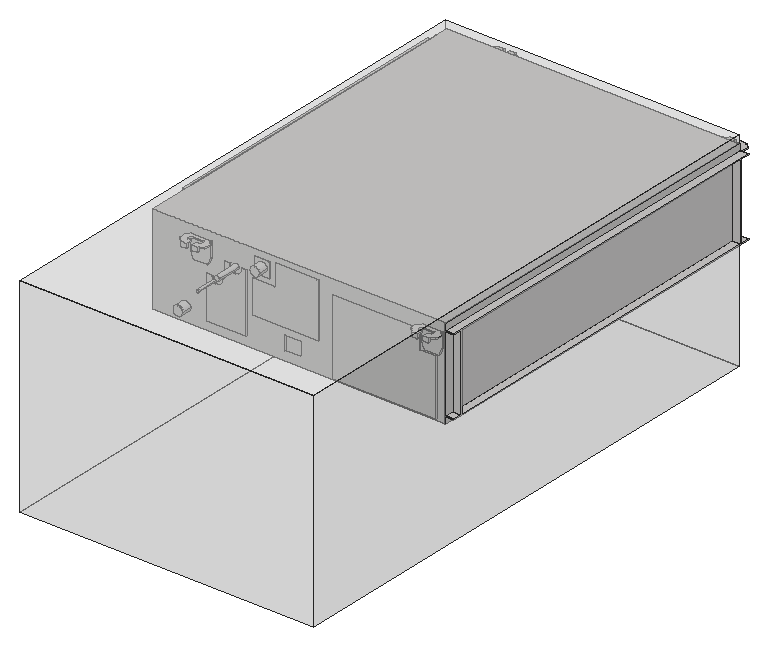
Revit family "outputfile", category 機械設備, Revit 2024
Family settings
  丸型コネクタ寸法 = 半径を使用
  パーツ タイプ = 標準
  OmniClass 番号 = 23.75.10.24.21.27.27
  OmniClass タイトル = Split System Air Conditioning Units
  作業面ベース = いいえ
  常に垂直 = はい
  ロード時にボイドで切り取り = いいえ
  注釈の向きを維持 = いいえ
  共有 = いいえ
  部屋計算ポイント = はい
Parameters (values of type "FXSA80AVM")
  製造元 = "Daikin"
  書き出し IFC クラス(タイプ) = "IfcUnitaryEquipmentType"
  定義済み IFC タイプ(タイプ) = "AIRCONDITIONINGUNIT"
  モデル = "FXSA80AVM"
  switch_frequency = yes
  r_Liquid Pipe Size = Liquid Pipe Size / 2  # 3.2 mm
  r_Gas Pipe Size = Gas Pipe Size / 2  # 6.35 mm
  r_Drain Pipe Size = Drain Pipe Size / 2  # 12.5 mm
  lw_power = 770.0 mm
  lh_SA = 138.0 mm
  lw_SA = if(Width = 550.0 mm, 225.0 mm, if(Width = 700.0 mm, 300.0 mm, if(Width = 1000.0 mm, 450.0 mm, if(Width = 1400.0 mm, 650.0 mm, 725.0 mm))))  # 450.0 mm
  lw_RA = if(Width = 550.0 mm, 275.0 mm, if(Width = 700.0 mm, 349.0 mm, if(Width = 1000.0 mm, 499.0 mm, if(Width = 1400.0 mm, 699.0 mm, 775.0 mm))))  # 499.0 mm
  lh_power = 60.0 mm + [h***]  # 60.0 mm
  lh_mountinghole1 = lh_mountinghole + [h***]  # 222.0 mm
  lh_RA = 123.0 mm
  ld_power = Width / 2  # 500.0 mm
  connector_voltage = Voltage_50Hz  # 220 V
  connector_powerinput = [Power Input (Cooling)]  # 0.126 kW
  connector_phase = Phase_50Hz  # 1
  Voltage_comment_60Hz = "220-230"
  Voltage_comment_50Hz = "220-240"
  Voltage_60Hz = 220 V
  Voltage_50Hz = 220 V
  Total Heating Capacity [instance] = 0.000 kW
  Supply Air Direction [instance] = yes
  Sound Power Level_H speed (dB) = 65.5
  Power Input (Heating) = 0.121 kW
  Phase_60Hz = 1
  Phase_50Hz = 1
  Nominal Heating Capacity = 10.000 kW
  Minimum External Static Pressure = 50.00 Pa
  Minimum Circuit Amps_60Hz = 1.9 A
  Minimum Circuit Amps_50Hz = 1.9 A
  Maximum Fuse Amps_60Hz = 16.0 A
  Maximum Fuse Amps_50Hz = 16.0 A
  Maximum External Static Pressure = 150.00 Pa
  Material_Casing = DAIKIN_GalvanizedSteel_Casing_indoorunit
  lw_mountinghole = 630.0 mm
  lh_gaspipe = 183.0 mm + [h***]  # 183.0 mm
  lh_mountinghole = 222.0 mm
  lh_liquidpipe = 136.0 mm + [h***]  # 136.0 mm
  lh_drainpipe = 207.0 mm + [h***]  # 207.0 mm
  lh_antena = Height - lh_mountinghole + 1.0 mm  # 24.0 mm
  ld_drainpipe = Width / 2 + 26.0 mm  # 526.0 mm
  ld_liquidpipe = 569.0 mm
  ld_gaspipe = Width / 2 + 65.0 mm  # 565.0 mm
  ld_mountinghole = Width + 38.0 mm  # 1038.0 mm
  h*** = 0.0 mm
  lw_liquidpipe = 179.0 mm
  lw_gaspipe = 229.0 mm
  lw_drainpipe = 300.0 mm
  Width = 1000.0 mm
  Version = "ver.1.0"
  Unit Type = "Duct_M.S.P."
  Unit Mass Weight = 37.00 kg
  Unit Designation [instance] = ""
  Uniclass2015Version = "Products v1.30"
  Uniclass2015Title = "Variable refrigerant flow units"
  Uniclass2015Code = "Pr_70_65_03_94"
  Total Cooling Capacity [instance] = 0.000 kW
  Sound Pressure Level_M speed (dBA) = 34
  Sound Pressure Level_L speed (dBA) = 30
  Sound Pressure Level_H speed (dBA) = 37.5
  Series = "VRV Fan Coil Unit"
  Sensible Cooling Capacity [instance] = 0.000 kW
  SA Duct Size Width = 792.0 mm
  SA Duct Size Height = 176.0 mm
  Refrigerant Type = "R32"
  RA Duct Size Width = 952.0 mm
  RA Duct Size Height = 208.0 mm
  Power Input (Cooling) = 0.126 kW
  Option Accessory 3 [instance] = ""
  Option Accessory 2 [instance] = ""
  Option Accessory 1 [instance] = ""
  Nominal Cooling Capacity = 9.000 kW
  Minimum Airflow = 960.00 m³/h
  Median Airflow = 1170.00 m³/h
  Maximum Airflow = 1380.00 m³/h
  Load Classification = HVAC
  Liquid Pipe Size = 6.4 mm
  Link_Nested Family [instance] = ""
  IfcVersion = ""
  IfcExportType = "AIRCONDITIONINGUNIT"
  IfcExportAs = "IfcUnitaryEquipmentType"
  Height = 245.0 mm
  Heating Entering Wet Bulb Temperature [instance] = -273.15 °C
  Heating Entering Dry Bulb Temperature [instance] = -273.15 °C
  Heating Ambient Wet Bulb Temperature [instance] = -273.15 °C
  Heating Ambient Dry Bulb Temperature [instance] = -273.15 °C
  Heat Exchanger Type = "Cross Fin Coil"
  Gas Pipe Size = 12.7 mm
  Frequency_60Hz = 60 Hz
  Frequency_50Hz = 50 Hz
  Fan Type = "Sirocco Fan"
  Fan Drive = "Direct Drive"
  FCU Tag No. [instance] = ""
  Drain Pipe Size = 25.0 mm
  Design Supply Airflow [instance] = 0.00 m³/h
  Design Return Airflow [instance] = 0.00 m³/h
  Design External Static Pressure [instance] = 0.00 Pa
  Depth = 800.0 mm
  既定の高さ = 0.0 mm
  Cooling Entering Wet Bulb Temperature [instance] = 0.00 °C
  Cooling Entering Dry Bulb Temperature [instance] = 0.00 °C
  Cooling Ambient Wet Bulb Temperature [instance] = 0.00 °C
  Cooling Ambient Dry Bulb Temperature [instance] = 0.00 °C
  Clearance visibility [instance] = yes
  Clearance Top = 20.0 mm
  Clearance Right = 0.0 mm
  Clearance Rear = 0.0 mm
  Clearance Left = 0.0 mm
  Clearance Front = 450.0 mm
  Clearance Bottom = 300.0 mm
Reference planes
  plane 1 "Center (Front/Back)": y = 0
  plane 2 "h": z = 0
  plane 3 "Center (Left/Right)": x = 0
  plane 4 "Back": y = 500
  plane 5 "Front": y = -500
  plane 6 "Left": x = -400
  plane 7 "Right": x = 400
  plane 8 "Top": z = 0
  plane 9 "Bottom": z = -245
  plane 10: y = -215
  plane 11: y = 500
  plane 12: y = -950
  plane 13: x = -400
  plane 14: x = 400
  plane 15: z = 20
  plane 16: z = -545
  plane 17: x = -400
  plane 18: x = -399
  plane 19: x = 399
  plane 20: y = 50
  plane 21: y = -1
  plane 22: z = -122
  plane 23: y = -501
  plane 24: z = -109
  plane 25: x = -221
  plane 26: y = -565
  plane 27: z = -62
  plane 28: x = -171
  plane 29: y = -526
  plane 30: z = -38
  plane 31: x = -100
  plane 32: x = -100
  plane 33: x = -221
  plane 34: x = -171
  plane 35: x = 370
  plane 36: x = -266
  plane 37: x = 364
  plane 38: y = -519
  plane 39: y = 519
  plane 40: z = -23
  plane 41: z = -107
  plane 42: y = -569
  plane 43: z = -207
  plane 44: x = -309
  plane 45: y = -376
  plane 46: x = -251
  plane 47: x = -203
  plane 48: x = -144
  plane 49: z = -59
  plane 50: z = -106
  plane 51: z = -221
  plane 52: z = -109
  plane 53: x = -221
  plane 54: z = -62
  plane 55: x = -171
  plane 56: z = -17
  plane 57: z = -59
  plane 58: x = -121
  plane 59: x = -79
  plane 60: x = -125
  plane 61: x = -64
  plane 62: x = 53
  plane 63: z = -164
  plane 64: z = -73
  plane 65: z = -16
  plane 66: x = 93.5
  plane 67: x = 374.5
  plane 68: x = 330
  plane 69: z = -88.5
  plane 70: z = -38
  plane 71: z = -242.5
  plane 72: x = -38.5
  plane 73: x = 6.5
  plane 74: z = -181
  plane 75: z = -221
  plane 76: y = -499
  plane 77: x = -424
  plane 78: x = 424
Forms (mm)
  Extrusion 1, solid, material "DAIKIN_GalvanizedSteel_Casing_indoorunit" <- "Material_Casing"
    sketch origin (0, 0, 0) x (1, 0, 0) y (0, 1, 0)
      loop
        line (-399, 500) -> (-399, -500) -> (399, -500) -> (399, 500) -> (-399, 500)
    from -245 to 0
  Extrusion 2, solid, material "DAIKIN_GalvanizedSteel_Casing_indoorunit" <- "Material_Casing"
    sketch origin (0, 0, 0) x (1, 0, 0) y (0, 0, 1)
      loop
        line (-251, -221) -> (-144, -221) -> (-144, -59) -> (-154.47, -59)
        arc (-154.47, -59) -> (-171, -78.8) -> (-187.53, -59) r 16.8
        line (-187.53, -59) -> (-203, -59) -> (-203, -106) -> (-206.916, -106)
        arc (-206.916, -106) -> (-221, -123.4) -> (-235.084, -106) r 14.4
        line (-235.084, -106) -> (-251, -106) -> (-251, -221)
    from 500 to 501
  Extrusion 3, solid, material "DAIKIN_GalvanizedSteel_Casing_indoorunit" <- "Material_Casing"
    sketch origin (0, 0, 0) x (1, 0, 0) y (0, 0, 1)
      loop
        line (-121, -17) -> (-121, -59) -> (-79, -59) -> (-79, -17) -> (-121, -17)
      loop
        line (-125, -73) -> (-125, -164) -> (53, -164) -> (53, -16) -> (-64, -16) -> (-64, -73) -> (-125, -73)
    from 500 to 501
  Extrusion 4, solid, material "DAIKIN_GalvanizedSteel_Casing_indoorunit" <- "Material_Casing"
    sketch origin (0, 0, 0) x (1, 0, 0) y (0, 0, 1)
      loop
        line (93.5, -38) -> (93.5, -242.5) -> (374.5, -242.5) -> (374.5, -88.5) -> (330, -88.5) -> (330, -38) -> (93.5, -38)
    from 500 to 501
  Extrusion 5, solid, material "DAIKIN_GalvanizedSteel_Casing_indoorunit" <- "Material_Casing"
    sketch origin (0, 0, 0) x (1, 0, 0) y (0, 0, 1)
      loop
        circle (-221, -109) r 3.2
    from 500 to 569
  Extrusion 6, solid, material "DAIKIN_GalvanizedSteel_Casing_indoorunit" <- "Material_Casing"
    sketch origin (0, 0, 0) x (1, 0, 0) y (0, 0, 1)
      loop
        circle (-171, -62) r 6.35
    from 500 to 565
  Extrusion 7, solid, material "DAIKIN_GalvanizedSteel_Casing_indoorunit" <- "Material_Casing"
    sketch origin (0, 0, 0) x (1, 0, 0) y (0, 0, 1)
      loop
        circle (-100, -38) r 12.5
    from 501 to 526
  Extrusion 8, solid, material "DAIKIN_GalvanizedSteel_Casing_indoorunit" <- "Material_Casing"
    sketch origin (0, 0, 0) x (1, 0, 0) y (0, 0, 1)
      loop
        circle (-309, -207) r 13
    from 500 to 526
  Extrusion 9, void
    sketch origin (0, 0, 0) x (1, 0, 0) y (0, 0, 1)
      loop
        line (-38.5, -181) -> (-38.5, -221) -> (6.5, -221) -> (6.5, -181) -> (-38.5, -181)
    from 499 to 500
Cuts and joins
  Extrusion 9 cuts Extrusion 1
Dimensions and locks
  "Height": plane 8 "Top" to plane 9 "Bottom"
  equal spacing: plane 4 "Back", plane 1 "Center (Front/Back)", plane 5 "Front"
  "Width": plane 4 "Back" to plane 5 "Front"
  equal spacing: plane 6 "Left", plane 3 "Center (Left/Right)", plane 7 "Right"
  "Depth": plane 6 "Left" to plane 7 "Right"
  "Clearance Left": plane 13 to plane 6 "Left"
  "Clearance Right": plane 7 "Right" to plane 14
  "Clearance Rear": plane 11 to plane 4 "Back"
  "Clearance Front": plane 5 "Front" to plane 12
  "Clearance Top": plane 15 to plane 8 "Top"
  "Clearance Bottom": plane 9 "Bottom" to plane 16
  locked: plane 17 to plane 18 at 1
  locked: plane 19 to plane 14 at 1
  "lw_SA": plane 11 to plane 20
  "lw_RA": plane 21 to plane 5 "Front"
  "lh_RA": plane 22 to plane 9 "Bottom"
  locked: plane 5 "Front" to plane 23 at 1
  "lw_liquidpipe": plane 25 to plane 6 "Left"
  "lh_liquidpipe": plane 24 to plane 9 "Bottom"
  "lh_gaspipe": plane 27 to plane 9 "Bottom"
  "lw_gaspipe": plane 28 to plane 6 "Left"
  "ld_gaspipe": plane 26 to plane 1 "Center (Front/Back)"
  "ld_drainpipe": plane 29 to plane 1 "Center (Front/Back)"
  "lh_drainpipe": plane 30 to plane 9 "Bottom"
  "lw_drainpipe": plane 31 to plane 6 "Left"
  "lw_drainpipe": plane 6 "Left" to plane 32
  "lw_liquidpipe": plane 6 "Left" to plane 33
  "lw_gaspipe": plane 6 "Left" to plane 34
  "lw_power": plane 6 "Left" to plane 35
  locked: plane 17 to plane 36 at 134
  "lw_mountinghole": plane 36 to plane 37
  equal spacing: plane 38, plane 1 "Center (Front/Back)", plane 39
  "ld_mountinghole": plane 39 to plane 38
  "lh_mountinghole": plane 40 to plane 9 "Bottom"
  "lh_SA": plane 41 to plane 9 "Bottom"
  locked: plane 44 to plane 6 "Left" at 91
  locked: plane 43 to plane 9 "Bottom" at 38
  plane 48 to plane 47 to plane 46 to plane 6 "Left" = 59.0 mm, 48.0 mm, 149.0 mm
  plane 8 "Top" to plane 49 to plane 50 to plane 51 = 59.0 mm locked, 47.0 mm locked, 115.0 mm locked
  plane 55 to plane 53 to plane 6 "Left" = 50.0 mm locked, 179.0 mm locked
  plane 54 to plane 52 to plane 9 "Bottom" = 47.0 mm locked, 136.0 mm locked
  plane 59 to plane 58 to plane 6 "Left" = 42.0 mm locked, 279.0 mm locked
  plane 8 "Top" to plane 56 to plane 57 = 17.0 mm locked, 42.0 mm locked
  plane 62 to plane 61 to plane 60 to plane 6 "Left" = 117.0 mm, 61.0 mm, 275.0 mm
  plane 8 "Top" to plane 65 to plane 64 = 16.0 mm locked, 57.0 mm locked
  locked: plane 65 to plane 63 at 148
  plane 8 "Top" to plane 70 to plane 69 to plane 71 = 38.0 mm locked, 50.5 mm locked, 154.0 mm locked
  plane 67 to plane 68 to plane 66 to plane 6 "Left" = 44.5 mm locked, 236.5 mm locked, 493.5 mm locked
  plane 8 "Top" to plane 74 to plane 75 = 181.0 mm locked, 40.0 mm locked
  plane 73 to plane 72 to plane 6 "Left" = 45.0 mm, 361.5 mm
  locked: plane 76 to plane 5 "Front" at 1
  locked: plane 77 to plane 17 at 24
  locked: plane 14 to plane 78 at 24
  "ld_liquidpipe": plane 42 to plane 1 "Center (Front/Back)"
  "r_Liquid Pipe Size": radius of Extrusion 5 sketch curve
  "r_Gas Pipe Size": radius of Extrusion 6 sketch curve
  "r_Drain Pipe Size": radius of Extrusion 7 sketch curve
  aligned and locked: level to plane 2 "h"
  aligned and locked: plane 8 "Top" to Extrusion 1
  aligned and locked: Extrusion 1 to plane 9 "Bottom"
  aligned and locked: nested 5 to plane 12
  aligned and locked: plane 13 to nested 5
  aligned and locked: plane 14 to nested 5
  aligned and locked: nested 5 to plane 13
  aligned and locked: plane 11 to nested 5
  aligned and locked: plane 15 to nested 5
  aligned and locked: plane 16 to nested 5
  aligned and locked: plane 5 "Front" to Extrusion 1 sketch curve
  aligned and locked: Extrusion 1 to plane 18
  aligned and locked: plane 19 to Extrusion 1
  aligned and locked: nested 7 to plane 18
  aligned and locked: nested 7 to plane 20
  aligned and locked: plane 19 to nested 8
  aligned and locked: plane 21 to nested 8
  aligned and locked: plane 22 to nested 8
  aligned and locked: Extrusion 2 to plane 23
  aligned and locked: plane 5 "Front" to Extrusion 2
  aligned and locked: Extrusion 3 to plane 23
  aligned and locked: plane 5 "Front" to Extrusion 3
  aligned and locked: plane 5 "Front" to Extrusion 4
  aligned and locked: Extrusion 5 sketch curve to plane 25
  aligned and locked: plane 24 to Extrusion 5 sketch curve
  aligned and locked: plane 5 "Front" to Extrusion 5
  aligned and locked: Extrusion 6 sketch curve to plane 28
  aligned and locked: plane 27 to Extrusion 6 sketch curve
  aligned and locked: plane 5 "Front" to Extrusion 6
  aligned and locked: Extrusion 7 sketch curve to plane 31
  aligned and locked: Extrusion 7 sketch curve to plane 30
  aligned and locked: Extrusion 7 to plane 29
  aligned and locked: plane 23 to Extrusion 7
  aligned and locked: nested 3 to plane 29
  aligned and locked: plane 32 to nested 3
  aligned and locked: nested 2 to plane 33
  aligned and locked: nested 1 to plane 34
  aligned and locked: Extrusion 6 to plane 26
  aligned and locked: nested 1 to plane 26
  aligned and locked: nested 6 to plane 5 "Front"
  aligned and locked: nested 6 to plane 35
  aligned and locked: plane 36 to nested 10
  aligned and locked: nested 10 to plane 5 "Front"
  aligned and locked: plane 37 to nested 9
  aligned and locked: nested 9 to plane 5 "Front"
  aligned and locked: nested 11 to plane 36
  aligned and locked: plane 4 "Back" to nested 11
  aligned and locked: nested 12 to plane 37
  aligned and locked: plane 4 "Back" to nested 12
  aligned and locked: plane 40 to nested 10
  aligned and locked: plane 40 to nested 11
  aligned and locked: plane 40 to nested 9
  aligned and locked: plane 40 to nested 12
  aligned and locked: plane 36 to nested 14
  aligned and locked: nested 14 to plane 39
  aligned and locked: plane 37 to nested 13
  aligned and locked: nested 13 to plane 39
  aligned and locked: plane 37 to nested 16
  aligned and locked: plane 38 to nested 16
  aligned and locked: plane 38 to nested 15
  aligned and locked: plane 36 to nested 15
  aligned and locked: plane 17 to plane 6 "Left"
  aligned and locked: plane 41 to nested 7
  aligned and locked: Extrusion 5 to plane 42
  aligned and locked: nested 2 to plane 42
  aligned and locked: Extrusion 8 sketch curve to plane 44
  aligned and locked: plane 43 to Extrusion 8 sketch curve
  aligned and locked: plane 5 "Front" to Extrusion 8
  aligned and locked: Extrusion 3 sketch curve to plane 56
  aligned and locked: Extrusion 3 sketch curve to plane 58
  aligned and locked: plane 57 to Extrusion 3 sketch curve
  aligned and locked: plane 59 to Extrusion 3 sketch curve
  aligned and locked: Extrusion 4 to plane 23
  aligned and locked: Extrusion 9 sketch curve to plane 74
  aligned and locked: plane 75 to Extrusion 9 sketch curve
  aligned and locked: plane 73 to Extrusion 9 sketch curve
  aligned and locked: plane 5 "Front" to Extrusion 9
  aligned and locked: plane 76 to Extrusion 9
  aligned and locked: nested 17 to plane 20
  aligned and locked: nested 17 to plane 77
  aligned and locked: plane 21 to nested 18
  aligned and locked: plane 78 to nested 18
  aligned and locked: plane 41 to nested 17
  aligned and locked: nested 18 to plane 22
  aligned and locked: nested 4 to plane 3 "Center (Left/Right)"
  aligned and locked: plane 1 "Center (Front/Back)" to nested 4
  aligned and locked: level to plane 8 "Top"
  aligned and locked: Extrusion 8 to plane 29
Automatic sketch dimensions
  plane 6 "Left" to Extrusion 1 sketch curve = 1.0 mm
  Extrusion 1 sketch curve to plane 7 "Right" = 1.0 mm
  Extrusion 1 sketch curve to plane 4 "Back" = 0.0 mm
  Extrusion 2 sketch curve to plane 46 = 0.0 mm
  Extrusion 2 sketch curve to plane 33 = 0.0 mm
  Extrusion 2 sketch curve to plane 47 = 0.0 mm
  Extrusion 2 sketch curve to plane 34 = 0.0 mm
  Extrusion 2 sketch curve to plane 48 = 0.0 mm
  Extrusion 2 sketch curve to plane 51 = 0.0 mm
  Extrusion 2 sketch curve to plane 52 = 0.0 mm
  Extrusion 2 sketch curve to plane 50 = 0.0 mm  (x3)
  Extrusion 2 sketch curve to plane 54 = 0.0 mm
  Extrusion 2 sketch curve to plane 49 = 0.0 mm  (x3)
  plane 33 to Extrusion 2 sketch curve = 14.084 mm
  plane 34 to Extrusion 2 sketch curve = 16.53 mm
  Extrusion 3 sketch curve to plane 60 = 0.0 mm
  Extrusion 3 sketch curve to plane 61 = 0.0 mm
  Extrusion 3 sketch curve to plane 62 = 0.0 mm
  Extrusion 3 sketch curve to plane 63 = 0.0 mm
  Extrusion 3 sketch curve to plane 64 = 0.0 mm
  Extrusion 3 sketch curve to plane 65 = 0.0 mm
  Extrusion 4 sketch curve to plane 66 = 0.0 mm
  Extrusion 4 sketch curve to plane 68 = 0.0 mm
  Extrusion 4 sketch curve to plane 67 = 0.0 mm
  Extrusion 4 sketch curve to plane 71 = 0.0 mm
  Extrusion 4 sketch curve to plane 69 = 0.0 mm
  Extrusion 4 sketch curve to plane 70 = 0.0 mm
  Extrusion 9 sketch curve to plane 72 = 0.0 mm
  radius of Extrusion 8 sketch curve = 13.0 mm
Nested families
  nested 1: "daikin_connector_rotate2" at (-171, 0, -62), length <- "ld_gaspipe", built-in parameter 1001364 <- "lh_gaspipe", radius <- "r_Gas Pipe Size", type "daikin_connector_rotate2"
    with radius 6.35 mm, length 565.0 mm, angle_vertical 90.00°
  nested 2: "daikin_connector_rotate2" at (-221, 0, -109), length <- "ld_liquidpipe", built-in parameter 1001364 <- "lh_liquidpipe", radius <- "r_Liquid Pipe Size", type "daikin_connector_rotate2"
    with radius 3.2 mm, length 569.0 mm, angle_vertical 90.00°
  nested 3: "daikin_connector_rotate2" at (-100, 0, -38), length <- "ld_drainpipe", built-in parameter 1001364 <- "lh_drainpipe", radius <- "r_Drain Pipe Size", type "daikin_connector_rotate2"
    with radius 12.5 mm, length 526.0 mm, angle_vertical 90.00°
  nested 4: "daikin_△_symbolicline" at (0, 0, 245) x (0, -1, 0) z (0, 0, 1), built-in parameter 1001364 <- "Height", visible <- "Supply Air Direction", type "daikin_△_symbolicline"
    with length 200.0 mm
  nested 5: "daikin_clearancespace" at (0, -225, -262.381), visible <- "Clearance visibility", show <- "Clearance visibility", Link_Nested Family <- "Link_Nested Family", type "daikin_clearancespace"
    with width 800.0 mm, show yes, height 565.0 mm, depth 1450.0 mm, Link_Nested Family ""
  nested 6: "daikin_connector_rotate2" at (370, 0, -185), built-in parameter 1001364 <- "lh_power", length <- "ld_power", type "daikin_connector_rotate2"
    with radius 10.0 mm, length 500.0 mm, angle_vertical 90.00°
  nested 7: "daikin_ductflange_FXSA-AVM2" at (-399, 50, -107) x (0, -1, 0) z (0, 0, 1), type "daikin_ductflange_FXSA-AVM2"
    with width 792.0 mm, w 1000.0 mm
  nested 8: "daikin_ductflange_FXSA-AVM" at (399, -1, -122) x (0, 1, 0) z (0, 0, 1), type "daikin_ductflange_FXSA-AVM"
    with width 952.0 mm, lw 25.0 mm, w 1000.0 mm
  nested 9: "FXFSA-AVM" at (364, -500, -23), type "daikin_hangerfixture_FXFSA-AVM"
  nested 10: "FXFSA-AVM" at (-266, -500, -23), type "daikin_hangerfixture_FXFSA-AVM"
  nested 11: "FXFSA-AVM" at (-266, 500, -23) x (-1, 0, 0) z (0, 0, 1), type "daikin_hangerfixture_FXFSA-AVM"
  nested 12: "FXFSA-AVM" at (364, 500, -23) x (-1, 0, 0) z (0, 0, 1), type "daikin_hangerfixture_FXFSA-AVM"
  nested 13: "daikin_mountinghole" at (364, 519, -245), h_mountinghole <- "lh_mountinghole1", l_antenna <- "lh_antena", Link_Nested Family <- "Link_Nested Family", type "daikin_mountinghole"
    with show yes, l_antenna 24.0 mm, h_mountinghole 222.0 mm, Link_Nested Family ""
  nested 14: "daikin_mountinghole" at (-266, 519, -245), h_mountinghole <- "lh_mountinghole1", l_antenna <- "lh_antena", Link_Nested Family <- "Link_Nested Family", type "daikin_mountinghole"
    with show yes, l_antenna 24.0 mm, h_mountinghole 222.0 mm, Link_Nested Family ""
  nested 15: "daikin_mountinghole" at (-266, -519, -245), h_mountinghole <- "lh_mountinghole1", l_antenna <- "lh_antena", Link_Nested Family <- "Link_Nested Family", type "daikin_mountinghole"
    with show yes, l_antenna 24.0 mm, h_mountinghole 222.0 mm, Link_Nested Family ""
  nested 16: "daikin_mountinghole" at (364, -519, -245), h_mountinghole <- "lh_mountinghole1", l_antenna <- "lh_antena", Link_Nested Family <- "Link_Nested Family", type "daikin_mountinghole"
    with show yes, l_antenna 24.0 mm, h_mountinghole 222.0 mm, Link_Nested Family ""
  nested 17: "daikin_connector_rotate2" at (-400, 50, -107) x (0, -1, 0) z (0, 0, 1), type "daikin_connector_rotate2"
    with radius 10.0 mm, length 24.0 mm, angle_vertical 90.00°
  nested 18: "daikin_connector_rotate2" at (400, -1, -122) x (0, 1, 0) z (0, 0, 1), type "daikin_connector_rotate2"
    with radius 10.0 mm, length 24.0 mm, angle_vertical 90.00°
Connectors
  piping at (-100, -526, -38), diameter 25, driven by "r_Drain Pipe Size"
    settings: on nested 3, index 3, connector inside diameter 609.6 mm, connector length 0.0 mm, flow factor 0, pipe flow 0.00 m³/h, pressure drop 0.0 Pa, fitting loss kfactor 0, connector angle 0.00°, fixture units 0, engagement length 0.0 mm, angle of deflection 0.00°, flow configuration 1, flow direction 2, fitting loss method 4, system type 16, joint type 0, gender type 0, connector reference index -1, connector utility 0, adjustable connector no, is connector primary yes, connector description "Condensate Drain Piping"
  piping at (-171, -565, -62), diameter 12.7, driven by "r_Gas Pipe Size"
    settings: on nested 1, index 4, connector inside diameter 609.6 mm, connector length 0.0 mm, flow factor 0, pipe flow 0.00 m³/h, pressure drop 0.0 Pa, fitting loss kfactor 0, connector angle 0.00°, fixture units 0, engagement length 0.0 mm, angle of deflection 0.00°, flow configuration 1, flow direction 2, fitting loss method 0, system type 29, joint type 0, gender type 0, connector reference index -1, connector utility 0, adjustable connector no, is connector primary no, connector description "Refrigerant Gas Piping"
  piping at (-221, -569, -109), diameter 6.4, driven by "r_Liquid Pipe Size"
    settings: on nested 2, index 5, connector inside diameter 609.6 mm, connector length 0.0 mm, flow factor 0, pipe flow 0.00 m³/h, pressure drop 0.0 Pa, fitting loss kfactor 0, connector angle 0.00°, fixture units 0, engagement length 0.0 mm, angle of deflection 0.00°, flow configuration 1, flow direction 1, fitting loss method 0, system type 29, joint type 0, gender type 0, connector reference index -1, connector utility 0, adjustable connector no, is connector primary no, connector description "Refrigerant Liquid Piping"
  electrical at (370, -500, -185), driven by "Load Classification", driven by "connector_voltage", driven by "connector_phase", driven by "connector_powerinput"
    settings: on nested 6, index 6, voltage 220 V, apparent load 126 VA, apparent load phase1 0 VA, apparent load phase2 0 VA, apparent load phase3 0 VA, power factor 1, load classification "HVAC", number of poles 1, system type 30, power factor state 1, is connector primary yes, connector utility no, sub classification motor no, connector description "Power Supply"
  hvac at (-424, 50, -107), driven by "SA Duct Size Height", driven by "SA Duct Size Width"
    settings: on nested 17, index 7, duct flow 0.00 m³/h, flow factor 0, pres drop 0.00 Pa, loss coef 0, conn angle 0.00°, conn width 792.0 mm, conn height 176.0 mm, conn diameter 609.6 mm, duct sys type 1, conn prof type 1, flow config 0, flow direction 2, loss method 4, conn ref index -1, conn util no, is conn primary yes, conn desc "SA Duct"
  hvac at (424, -1, -122), driven by "RA Duct Size Height", driven by "RA Duct Size Width"
    settings: on nested 18, index 8, duct flow 0.00 m³/h, flow factor 0, pres drop 0.00 Pa, loss coef 0, conn angle 0.00°, conn width 952.0 mm, conn height 208.0 mm, conn diameter 609.6 mm, duct sys type 2, conn prof type 1, flow config 0, flow direction 1, loss method 4, conn ref index -1, conn util no, is conn primary no, conn desc "RA Duct"
Definition of nested family "daikin_clearancespace"
  Parameters (values of type "daikin_clearancespace")
    Description = "daikin_clearancespace"
    width [instance] = 1823.963 mm
    show [instance] = yes
    material = none
    height [instance] = 1359.762 mm
    depth [instance] = 880.0 mm
    Default Elevation = 0.0 mm
    Link_Nested Family [instance] = ""
  Reference planes
    plane 1 "Center (Front/Back)": y = 0
    plane 2 "Center (Elevation)": z = -0.119
    plane 3 "Center (Left/Right)": x = 0
    plane 4: y = 440
    plane 5: y = -440
    plane 6 "Right": x = 911.982
    plane 7 "Left": x = -911.982
    plane 8 "Top": z = 679.762
    plane 9 "Bottom": z = -680
  Forms (mm)
    Extrusion 1, solid, material <- "material", visible <- "show"
      sketch origin (0, 0, 0) x (1, 0, 0) y (0, 1, 0)
        loop
          line (-911.982, 440) -> (-911.982, -440) -> (911.982, -440) -> (911.982, 440) -> (-911.982, 440)
      from -680 to 679.762
  Lines and regions (mm)
    symbolic lines, visible <- "show"
      curve 1: line (911.982, 440, 0) -> (-911.982, 440, 0)
      curve 2: line (-911.982, 440, 0) -> (-911.982, -440, 0)
      curve 3: line (-911.982, -440, 0) -> (911.982, -440, 0)
      curve 4: line (911.982, -440, 0) -> (911.982, 440, 0)
      curve 5: line (911.982, 0, 679.762) -> (-911.982, 0, 679.762)
      curve 6: line (911.982, 0, -680) -> (911.982, 0, 679.762)
      curve 7: line (-911.982, 0, -680) -> (911.982, 0, -680)
      curve 8: line (-911.982, 0, 679.762) -> (-911.982, 0, -680)
      curve 9: line (0, 440, 679.762) -> (0, -440, 679.762)
      curve 10: line (0, -440, 679.762) -> (0, -440, -680)
      curve 11: line (0, 440, -680) -> (0, 440, 679.762)
      curve 12: line (0, -440, -680) -> (0, 440, -680)
  Dimensions and locks
    "width": plane 7 "Left" to plane 6 "Right"
    "depth": plane 4 to plane 5
    "height": plane 8 "Top" to plane 9 "Bottom"
    equal spacing: plane 7 "Left", plane 3 "Center (Left/Right)", plane 6 "Right"
    equal spacing: plane 4, plane 1 "Center (Front/Back)", plane 5
    equal spacing: plane 8 "Top", plane 2 "Center (Elevation)", plane 9 "Bottom"
    aligned and locked: level to plane 2 "Center (Elevation)"
    aligned and locked: Extrusion 1 sketch curve to plane 4
    aligned and locked: plane 7 "Left" to Extrusion 1 sketch curve
    aligned and locked: Extrusion 1 sketch curve to plane 5
    aligned and locked: Extrusion 1 sketch curve to plane 6 "Right"
    aligned and locked: plane 8 "Top" to Extrusion 1
    aligned and locked: curve 1 to Extrusion 1
    aligned and locked: curve 2 to Extrusion 1
    aligned and locked: curve 3 to Extrusion 1
    aligned and locked: curve 4 to Extrusion 1
    aligned and locked: curve 5 to Extrusion 1
    aligned and locked: curve 6 to Extrusion 1
    aligned and locked: curve 7 to Extrusion 1
    aligned and locked: curve 8 to Extrusion 1
    aligned and locked: curve 9 to Extrusion 1
    aligned and locked: curve 10 to Extrusion 1
    aligned and locked: curve 11 to Extrusion 1
    aligned and locked: curve 12 to Extrusion 1
    aligned and locked: Extrusion 1 to plane 9 "Bottom"
Definition of nested family "daikin_ductflange_FXSA-AVM2"
  Parameters (values of type "daikin_ductflange_FBA-BVMA2")
    width = if(w = 550.0 mm, 337.0 mm, if(w = 700.0 mm, 492.0 mm, if(w = 1000.0 mm, 792.0 mm, if(w = 1400.0 mm, 1192.0 mm, 1337.0 mm))))  # 492.0 mm
    w1 = if(w = 550.0 mm, 24.0 mm, if(w = 700.0 mm, 21.5 mm, if(w = 1000.0 mm, 21.5 mm, if(w = 1400.0 mm, 21.5 mm, 24.0 mm))))  # 21.5 mm
    material = none
    height = 215.0 mm
    depth = 1.0 mm
    w = 700.0 mm
    Default Elevation = 0.0 mm
  Reference planes
    plane 1 "Center (Front/Back)": y = 0
    plane 2: z = 0
    plane 3 "Center (Left/Right)": x = 0
    plane 4: z = 88
    plane 5: z = -88
    plane 6: y = -25
    plane 7: z = 106
    plane 8: z = 89
    plane 9: y = -1
    plane 10: x = -267.5
    plane 11: x = 267.5
    plane 12: z = -106
    plane 13: z = -89
    plane 14: y = -1
    plane 15: x = 246
    plane 16: x = -246
    plane 17: x = 247
    plane 18: z = 87
    plane 19: z = -87
    plane 20: x = -247
    plane 21: z = 87
    plane 22: z = -87
    plane 23: y = -1
  Forms (mm)
    Extrusion 1, solid, material <- "material"
      sketch origin (0, 0, 0) x (0, 1, 0) y (0, 0, 1)
        loop
          line (-25, 88) -> (0, 88) -> (0, 106) -> (-1, 106) -> (-1, 89) -> (-25, 89) -> (-25, 88)
      from -267.5 to 267.5
    Extrusion 2, solid, material <- "material"
      sketch origin (0, 0, 0) x (0, 1, 0) y (0, 0, 1)
        loop
          line (-25, -88) -> (-25, -89) -> (-1, -89) -> (-1, -106) -> (0, -106) -> (0, -88) -> (-25, -88)
      from -267.5 to 267.5
    Extrusion 3, solid, material <- "material"
      sketch origin (0, 0, 0) x (1, 0, 0) y (0, 0, 1)
        loop
          line (246, 88) -> (246, -88) -> (267.5, -88) -> (267.5, -87) -> (247, -87) -> (247, 87) -> (267.5, 87) -> (267.5, 88) -> (246, 88)
      from 0 to 25
    Extrusion 4, solid, material <- "material"
      sketch origin (0, 0, 0) x (1, 0, 0) y (0, 0, 1)
        loop
          line (-267.5, 88) -> (-267.5, 87) -> (-247, 87) -> (-247, -87) -> (-267.5, -87) -> (-267.5, -88) -> (-246, -88) -> (-246, 88) -> (-267.5, 88)
      from 0 to 25
    Extrusion 5, solid, material <- "material"
      sketch origin (0, 0, 0) x (1, 0, 0) y (0, 0, 1)
        loop
          line (-267.5, 88) -> (-267.5, -88) -> (-246, -88) -> (-246, 88) -> (-267.5, 88)
        loop
          line (267.5, 88) -> (246, 88) -> (246, -88) -> (267.5, -88) -> (267.5, 88)
      from 0 to 1
  Cuts and joins
    joined: Extrusion 1, Extrusion 2, Extrusion 3, Extrusion 4, Extrusion 5
  Dimensions and locks
    plane 4 to level to plane 5 = 88.0 mm, 88.0 mm
    locked: plane 6 to plane 1 "Center (Front/Back)" at 25
    locked: plane 9 to plane 1 "Center (Front/Back)" at 1
    locked: plane 8 to plane 4 at 1
    "w1": plane 16 to plane 10
    locked: plane 17 to plane 15 at 1
    locked: plane 4 to plane 18 at 1
    locked: plane 19 to plane 5 at 1
    "width": plane 15 to plane 16
    plane 4 to plane 5 = 176.0 mm
    locked: plane 16 to plane 20 at 1
    locked: plane 4 to plane 21 at 1
    locked: plane 22 to plane 5 at 1
    locked: plane 23 to plane 1 "Center (Front/Back)" at 1
    plane 4 to level to plane 5 = 88.0 mm locked, 88.0 mm locked
    locked: plane 5 to plane 13 at 1
    locked: plane 5 to plane 12 at 18
    locked: plane 7 to plane 4 at 18
    equal spacing: plane 15, plane 3 "Center (Left/Right)", plane 16
    "w1": plane 11 to plane 15
    plane 11 to plane 10 = 535.0 mm
    aligned and locked: level to plane 2
    aligned and locked: Extrusion 1 to plane 10
    aligned and locked: plane 11 to Extrusion 1
    aligned and locked: plane 5 to Extrusion 2
    aligned and locked: Extrusion 2 to plane 1 "Center (Front/Back)"
    aligned and locked: plane 15 to Extrusion 3 sketch curve
    aligned and locked: Extrusion 3 sketch curve to Extrusion 2  (x2)
    aligned and locked: Extrusion 3 sketch curve to plane 11
    aligned and locked: plane 6 to Extrusion 3
    aligned and locked: Extrusion 2 to plane 10
    aligned and locked: plane 11 to Extrusion 2
    aligned and locked: Extrusion 4 sketch curve to Extrusion 1  (x2)
    aligned and locked: plane 5 to Extrusion 4 sketch curve
    aligned and locked: Extrusion 4 sketch curve to plane 16
    aligned and locked: Extrusion 4 sketch curve to plane 22
    aligned and locked: plane 20 to Extrusion 4 sketch curve
    aligned and locked: plane 21 to Extrusion 4 sketch curve
    aligned and locked: Extrusion 4 to plane 1 "Center (Front/Back)"
    aligned and locked: plane 6 to Extrusion 4
    aligned and locked: Extrusion 5 sketch curve to Extrusion 1  (x4)
    aligned and locked: Extrusion 5 sketch curve to Extrusion 4  (x2)
    aligned and locked: Extrusion 5 sketch curve to Extrusion 3  (x2)
    aligned and locked: Extrusion 5 to plane 1 "Center (Front/Back)"
    aligned and locked: plane 23 to Extrusion 5
  Automatic sketch dimensions
    Extrusion 1 sketch curve to plane 6 = 0.0 mm
    Extrusion 1 sketch curve to plane 7 = 0.0 mm
    Extrusion 1 sketch curve to plane 9 = 0.0 mm
    Extrusion 1 sketch curve to plane 1 "Center (Front/Back)" = 0.0 mm
    Extrusion 1 sketch curve to plane 4 = 0.0 mm
    Extrusion 1 sketch curve to plane 8 = 0.0 mm
    Extrusion 2 sketch curve to plane 6 = 0.0 mm
    plane 12 to Extrusion 2 sketch curve = 0.0 mm
    Extrusion 2 sketch curve to plane 14 = 0.0 mm
    Extrusion 2 sketch curve to plane 1 "Center (Front/Back)" = 0.0 mm
    plane 13 to Extrusion 2 sketch curve = 0.0 mm
    Extrusion 2 sketch curve to plane 5 = 0.0 mm
    Extrusion 3 sketch curve to plane 17 = 0.0 mm
    Extrusion 3 sketch curve to plane 19 = 0.0 mm
    Extrusion 3 sketch curve to plane 18 = 0.0 mm
    Extrusion 3 sketch curve to plane 4 = 0.0 mm
    Extrusion 4 sketch curve to plane 10 = 0.0 mm
Definition of nested family "daikin_ductflange_FXSA-AVM"
  Parameters (values of type "daikin_ductflange_FBFC-DVMG")
    width = if(w = 550.0 mm, 502.0 mm, if(w = 700.0 mm, 654.0 mm, if(w = 1000.0 mm, 952.0 mm, if(w = 1400.0 mm, 1352.0 mm, 1502.0 mm))))  # 654.0 mm
    material = none
    lw = if(width = 654.0 mm, 23.0 mm, 25.0 mm)  # 23.0 mm
    height = 208.0 mm
    depth = 1.0 mm
    w = 700.0 mm
    Default Elevation = 0.0 mm
  Reference planes
    plane 1 "Center (Front/Back)": y = 0
    plane 2: z = 0
    plane 3 "Center (Left/Right)": x = 0
    plane 4: z = 104
    plane 5: z = -104
    plane 6: y = -25
    plane 7: z = 121
    plane 8: z = 105
    plane 9: y = -1
    plane 10: x = -350
    plane 11: x = 350
    plane 12: z = -122
    plane 13: z = -105
    plane 14: y = -1
    plane 15: x = 327
    plane 16: x = -327
    plane 17: x = 328
    plane 18: z = 103
    plane 19: z = -103
    plane 20: x = -328
    plane 21: z = 103
    plane 22: z = -103
    plane 23: y = -1
  Forms (mm)
    Extrusion 1, solid, material <- "material"
      sketch origin (0, 0, 0) x (0, 1, 0) y (0, 0, 1)
        loop
          line (-25, 104) -> (0, 104) -> (0, 121) -> (-1, 121) -> (-1, 105) -> (-25, 105) -> (-25, 104)
      from -350 to 350
    Extrusion 2, solid, material <- "material"
      sketch origin (0, 0, 0) x (0, 1, 0) y (0, 0, 1)
        loop
          line (-25, -104) -> (-25, -105) -> (-1, -105) -> (-1, -122) -> (0, -122) -> (0, -104) -> (-25, -104)
      from -350 to 350
    Extrusion 3, solid, material <- "material"
      sketch origin (0, 0, 0) x (1, 0, 0) y (0, 0, 1)
        loop
          line (327, 104) -> (327, -104) -> (350, -104) -> (350, -103) -> (328, -103) -> (328, 103) -> (350, 103) -> (350, 104) -> (327, 104)
      from 0 to 25
    Extrusion 4, solid, material <- "material"
      sketch origin (0, 0, 0) x (1, 0, 0) y (0, 0, 1)
        loop
          line (-350, 104) -> (-350, 103) -> (-328, 103) -> (-328, -103) -> (-350, -103) -> (-350, -104) -> (-327, -104) -> (-327, 104) -> (-350, 104)
      from 0 to 25
    Extrusion 5, solid, material <- "material"
      sketch origin (0, 0, 0) x (1, 0, 0) y (0, 0, 1)
        loop
          line (-350, 104) -> (-350, -104) -> (-327, -104) -> (-327, 104) -> (-350, 104)
        loop
          line (350, 104) -> (327, 104) -> (327, -104) -> (350, -104) -> (350, 104)
      from 0 to 1
  Cuts and joins
    joined: Extrusion 1, Extrusion 2, Extrusion 3, Extrusion 4, Extrusion 5
  Dimensions and locks
    plane 4 to level to plane 5 = 104.0 mm, 104.0 mm
    locked: plane 6 to plane 1 "Center (Front/Back)" at 25
    locked: plane 9 to plane 1 "Center (Front/Back)" at 1
    locked: plane 8 to plane 4 at 1
    "lw": plane 11 to plane 15
    "lw": plane 16 to plane 10
    locked: plane 17 to plane 15 at 1
    locked: plane 4 to plane 18 at 1
    locked: plane 19 to plane 5 at 1
    "width": plane 15 to plane 16
    equal spacing: plane 15, plane 3 "Center (Left/Right)", plane 16
    locked: plane 16 to plane 20 at 1
    locked: plane 4 to plane 21 at 1
    locked: plane 22 to plane 5 at 1
    locked: plane 23 to plane 1 "Center (Front/Back)" at 1
    locked: plane 7 to plane 4 at 17
    locked: plane 1 "Center (Front/Back)" to plane 14 at 1
    locked: plane 5 to plane 13 at 1
    "height": plane 4 to plane 5
    plane 11 to plane 10 = 700.0 mm
    locked: plane 12 to plane 13 at 17
    equal spacing: plane 4, level, plane 5
    aligned and locked: level to plane 2
    aligned and locked: Extrusion 1 to plane 10
    aligned and locked: plane 11 to Extrusion 1
    aligned and locked: plane 5 to Extrusion 2
    aligned and locked: Extrusion 2 to plane 1 "Center (Front/Back)"
    aligned and locked: plane 15 to Extrusion 3 sketch curve
    aligned and locked: Extrusion 3 sketch curve to Extrusion 2  (x2)
    aligned and locked: Extrusion 3 sketch curve to plane 11
    aligned and locked: plane 6 to Extrusion 3
    aligned and locked: Extrusion 2 to plane 10
    aligned and locked: plane 11 to Extrusion 2
    aligned and locked: Extrusion 4 sketch curve to Extrusion 1  (x2)
    aligned and locked: plane 5 to Extrusion 4 sketch curve
    aligned and locked: Extrusion 4 sketch curve to plane 16
    aligned and locked: Extrusion 4 sketch curve to plane 22
    aligned and locked: plane 20 to Extrusion 4 sketch curve
    aligned and locked: plane 21 to Extrusion 4 sketch curve
    aligned and locked: Extrusion 4 to plane 1 "Center (Front/Back)"
    aligned and locked: plane 6 to Extrusion 4
    aligned and locked: Extrusion 5 sketch curve to Extrusion 1  (x4)
    aligned and locked: Extrusion 5 sketch curve to Extrusion 4  (x2)
    aligned and locked: Extrusion 5 sketch curve to Extrusion 3  (x2)
    aligned and locked: Extrusion 5 to plane 1 "Center (Front/Back)"
    aligned and locked: plane 23 to Extrusion 5
  Automatic sketch dimensions
    Extrusion 1 sketch curve to plane 6 = 0.0 mm
    Extrusion 1 sketch curve to plane 7 = 0.0 mm
    Extrusion 1 sketch curve to plane 9 = 0.0 mm
    Extrusion 1 sketch curve to plane 1 "Center (Front/Back)" = 0.0 mm
    Extrusion 1 sketch curve to plane 4 = 0.0 mm
    Extrusion 1 sketch curve to plane 8 = 0.0 mm
    Extrusion 2 sketch curve to plane 6 = 0.0 mm
    plane 12 to Extrusion 2 sketch curve = 0.0 mm
    Extrusion 2 sketch curve to plane 14 = 0.0 mm
    Extrusion 2 sketch curve to plane 1 "Center (Front/Back)" = 0.0 mm
    plane 13 to Extrusion 2 sketch curve = 0.0 mm
    Extrusion 2 sketch curve to plane 5 = 0.0 mm
    Extrusion 3 sketch curve to plane 17 = 0.0 mm
    Extrusion 3 sketch curve to plane 19 = 0.0 mm
    Extrusion 3 sketch curve to plane 18 = 0.0 mm
    Extrusion 3 sketch curve to plane 4 = 0.0 mm
    Extrusion 4 sketch curve to plane 10 = 0.0 mm
Definition of nested family "FXFSA-AVM"
  Parameters (values of type "daikin_hangerfixture_FXMQ-PAVE")
    width = 72.0 mm
    material = none
    height = 60.0 mm
    depth = 41.0 mm
    Default Elevation = 0.0 mm
  Reference planes
    plane 1 "Center (Front/Back)": y = 0
    plane 2: z = 0
    plane 3 "Center (Left/Right)": x = 0
    plane 4: y = 417.146
    plane 5: y = -41
    plane 6: x = -36
    plane 7: x = 36
    plane 8: z = -2.3
    plane 9: z = -60
    plane 10: y = -2.3
    plane 11: z = -12
    plane 12: y = -38.7
  Forms (mm)
    Extrusion 1, solid, material <- "material"
      sketch origin (0, 0, 0) x (1, 0, 0) y (0, 1, 0)
        loop
          line (-28, 0) -> (-28, -5)
          arc (-28, -5) -> (-29.127, -8.162) -> (-32, -9.899) r 5
          arc (-32, -9.899) -> (-34.873, -11.636) -> (-36, -14.798) r 5
          line (-36, -14.798) -> (-36, -27.178)
          arc (-36, -27.178) -> (-35.429, -29.499) -> (-33.846, -31.289) r 5
          line (-33.846, -31.289) -> (-23, -38.798) -> (-23, -41.098) -> (-6.5, -41.098) -> (-6.5, -28.498)
          arc (-6.5, -28.498) -> (-7.379, -26.377) -> (-9.5, -25.498) r 3
          line (-9.5, -25.498) -> (-13.5, -25.498)
          arc (-13.5, -25.498) -> (-20, -18.998) -> (-13.5, -12.498) r 6.5
          line (-13.5, -12.498) -> (13.5, -12.498)
          arc (13.5, -12.498) -> (20, -18.998) -> (13.5, -25.498) r 6.5
          line (13.5, -25.498) -> (9.5, -25.498)
          arc (9.5, -25.498) -> (7.379, -26.377) -> (6.5, -28.498) r 3
          line (6.5, -28.498) -> (6.5, -41.098) -> (23, -41.098) -> (23, -38.798) -> (33.846, -31.289)
          arc (33.846, -31.289) -> (35.429, -29.499) -> (36, -27.178) r 5
          line (36, -27.178) -> (36, -14.596)
          arc (36, -14.596) -> (34.873, -11.434) -> (32, -9.697) r 5
          arc (32, -9.697) -> (29.127, -7.96) -> (28, -4.798) r 5
          line (28, -4.798) -> (28, 0) -> (-28, 0)
      from 0 to -2.3
    Extrusion 2, solid, material <- "material"
      sketch origin (0, 0, 0) x (1, 0, 0) y (0, 0, 1)
        loop
          line (28, -39.037) -> (28, 0) -> (-28, 0) -> (-28, -39.037)
          arc (-28, -39.037) -> (-27.91, -39.983) -> (-27.642, -40.894) r 5
          line (-27.642, -40.894) -> (-21.257, -56.857)
          arc (-21.257, -56.857) -> (-19.418, -59.14) -> (-16.615, -60) r 5
          line (-16.615, -60) -> (16.615, -60)
          arc (16.615, -60) -> (19.418, -59.14) -> (21.257, -56.857) r 5
          line (21.257, -56.857) -> (27.642, -40.894)
          arc (27.642, -40.894) -> (27.91, -39.983) -> (28, -39.037) r 5
      from 0 to 2.3
    Extrusion 3, solid, material <- "material"
      sketch origin (0, 0, 0) x (1, 0, 0) y (0, 0, 1)
        loop
          line (-23, 0) -> (-23, -9)
          arc (-23, -9) -> (-22.121, -11.121) -> (-20, -12) r 3
          line (-20, -12) -> (-9.5, -12)
          arc (-9.5, -12) -> (-7.379, -11.121) -> (-6.5, -9) r 3
          line (-6.5, -9) -> (-6.5, 0) -> (-23, 0)
        loop
          line (23, 0) -> (6.5, 0) -> (6.5, -9)
          arc (6.5, -9) -> (7.379, -11.121) -> (9.5, -12) r 3
          line (9.5, -12) -> (20, -12)
          arc (20, -12) -> (22.121, -11.121) -> (23, -9) r 3
          line (23, -9) -> (23, 0)
      from 38.8 to 41.098
  Cuts and joins
    joined: Extrusion 1, Extrusion 2, Extrusion 3
  Dimensions and locks
    plane 2 to plane 8 = 2.3 mm
    "height": plane 2 to plane 9
    locked: plane 10 to plane 1 "Center (Front/Back)" at 2.3
    locked: plane 2 to plane 11 at 12
    locked: plane 12 to plane 5 at 2.3
    aligned and locked: level to plane 2
    aligned and locked: Extrusion 1 to plane 8
    aligned and locked: plane 2 to Extrusion 1
    aligned and locked: plane 2 to Extrusion 2 sketch curve
    aligned and locked: Extrusion 2 to plane 10
    aligned and locked: Extrusion 2 to plane 1 "Center (Front/Back)"
    aligned and locked: Extrusion 3 sketch curve to cut or joined group of Extrusion 1, Extrusion 2, Extrusion 3  (x3)
    aligned and locked: cut or joined group of Extrusion 1, Extrusion 2, Extrusion 3 to Extrusion 3
  Automatic sketch dimensions
    Extrusion 2 sketch curve to plane 7 = 8.0 mm
    Extrusion 2 sketch curve to plane 8 = 36.737 mm
    plane 6 to Extrusion 2 sketch curve = 19.385 mm
    Extrusion 1 sketch curve to plane 6 = 0.0 mm
    plane 1 "Center (Front/Back)" to Extrusion 1 sketch curve = 0.0 mm
    Extrusion 1 sketch curve to plane 7 = 0.0 mm
    plane 6 to Extrusion 1 sketch curve = 2.154 mm
    plane 6 to Extrusion 1 sketch curve = 3.0 mm
    Extrusion 1 sketch curve to Extrusion 1 sketch curve = 5.0 mm  (x3)
    Extrusion 1 sketch curve to plane 12 = 0.098 mm  (x2)
    Extrusion 1 sketch curve to Extrusion 1 sketch curve = 4.0 mm  (x2)
    Extrusion 1 sketch curve to plane 5 = 0.098 mm  (x2)
    Extrusion 1 sketch curve to plane 3 "Center (Left/Right)" = 6.5 mm
    plane 3 "Center (Left/Right)" to Extrusion 1 sketch curve = 6.5 mm
    Extrusion 1 sketch curve to Extrusion 1 sketch curve = 3.0 mm
    Extrusion 1 sketch curve to plane 7 = 8.0 mm
    Extrusion 1 sketch curve to plane 7 = 5.0 mm
    Extrusion 1 sketch curve to plane 7 = 3.0 mm
    Extrusion 1 sketch curve to plane 7 = 2.154 mm
    plane 12 to Extrusion 1 sketch curve = 7.411 mm  (x2)
    plane 12 to Extrusion 1 sketch curve = 10.202 mm  (x2)
    Extrusion 1 sketch curve to Extrusion 1 sketch curve = 6.5 mm  (x2)
    Extrusion 1 sketch curve to Extrusion 1 sketch curve = 12.38 mm
    Extrusion 1 sketch curve to plane 10 = 12.296 mm
    Extrusion 1 sketch curve to plane 10 = 2.7 mm
    Extrusion 1 sketch curve to plane 10 = 2.498 mm
    plane 6 to Extrusion 1 sketch curve = 4.0 mm
    Extrusion 1 sketch curve to Extrusion 1 sketch curve = 0.0 mm  (x2)
    Extrusion 1 sketch curve to plane 7 = 4.0 mm
    Extrusion 1 sketch curve to Extrusion 1 sketch curve = 4.111 mm
    Extrusion 3 sketch curve to level = 0.0 mm  (x2)
    Extrusion 3 sketch curve to plane 11 = 0.0 mm  (x2)
    plane 11 to Extrusion 3 sketch curve = 3.0 mm  (x2)
    plane 3 "Center (Left/Right)" to Extrusion 3 sketch curve = 6.5 mm
    Extrusion 3 sketch curve to Extrusion 3 sketch curve = 3.0 mm  (x2)
    Extrusion 2 sketch curve to plane 9 = 0.0 mm
    Extrusion 2 sketch curve to Extrusion 2 sketch curve = 11.385 mm
    plane 6 to Extrusion 2 sketch curve = 8.0 mm
    plane 9 to Extrusion 2 sketch curve = 20.963 mm
    Extrusion 2 sketch curve to Extrusion 2 sketch curve = 5.0 mm  (x2)
    plane 9 to Extrusion 2 sketch curve = 3.143 mm  (x3)
    Extrusion 2 sketch curve to Extrusion 2 sketch curve = 4.642 mm  (x2)
    Extrusion 2 sketch curve to Extrusion 2 sketch curve = 0.0 mm  (x2)
    Extrusion 2 sketch curve to Extrusion 2 sketch curve = 0.358 mm
    Extrusion 2 sketch curve to Extrusion 2 sketch curve = 1.857 mm  (x2)
Definition of nested family "daikin_connector_rotate2"
  Parameters (values of type "daikin_connector_rotate2")
    Default Elevation = 1219.2 mm
    show_face = no
    radius [instance] = 10.0 mm
    length [instance] = 600.0 mm
    d_surface = 10.0 mm
    angle_vertical [instance] = 90.00°
  Reference planes
    plane 1 "Center (Front/Back)": y = 0
    plane 2: z = 0
    plane 3 "Center (Left/Right)": x = 0
  Forms (mm)
    Extrusion 1, solid, visible <- "show_face"
      sketch origin (0, -600, 0) x (1, 0, 0) y (0, 0, 1)
        loop
          circle (0, 0) r 10
      from 0 to -10
  Lines and regions (mm)
    reference lines
      curve 1: line (0, 0, 0) -> (0, -600, 0)
    symbolic lines
      curve 2: circle (0, 0, 0) r 5 normal (0, 0, 1)
    model lines, visible <- "show_face"
      curve 3: line (0, 0, 0) -> (0, -600, 0)
  Dimensions and locks
    "length": curve 1 to curve 1
    "length": curve 3 to curve 3
    "d_surface": Extrusion 1 to Extrusion 1
    "radius": radius of Extrusion 1 sketch curve
    "angle_vertical": angle curve 1 to plane 1 "Center (Front/Back)"
    "angle_vertical": angle curve 3 to plane 1 "Center (Front/Back)"
    aligned and locked: level to plane 2
    aligned and locked: plane 1 "Center (Front/Back)" to curve 1
    aligned and locked: plane 2 to curve 1
    aligned and locked: plane 1 "Center (Front/Back)" to curve 2
    aligned and locked: plane 3 "Center (Left/Right)" to curve 2
    aligned and locked: plane 1 "Center (Front/Back)" to curve 3
    aligned and locked: plane 2 to curve 3
    aligned and locked: Extrusion 1 to Extrusion 1
  Automatic sketch dimensions
    Extrusion 1 sketch curve to level = 0.0 mm
    Extrusion 1 sketch curve to plane 3 "Center (Left/Right)" = 0.0 mm
    radius of curve 2 = 5.0 mm
Definition of nested family "daikin_△_symbolicline"
  Parameters (values of type "daikin_△_symbolicline")
    length [instance] = 200.0 mm
    Default Elevation = 0.0 mm
  Reference planes
    plane 1 "Center (Front/Back)": y = 0
    plane 2: z = 0
    plane 3 "Center (Left/Right)": x = 0
  Lines and regions (mm)
    symbolic lines
      curve 1: line (0, -173.205, 0) -> (100, 0, 0)
      curve 2: line (100, 0, 0) -> (-100, 0, 0)
      curve 3: line (-100, 0, 0) -> (0, -173.205, 0)
  Dimensions and locks
    equal spacing: curve 3, plane 3 "Center (Left/Right)", curve 2
    "length": curve 3 to curve 2
    "length": curve 3 to curve 3
    "length": curve 1 to curve 1
    aligned and locked: level to plane 2
    aligned and locked: curve 2 to plane 1 "Center (Front/Back)"
    aligned and locked: plane 3 "Center (Left/Right)" to curve 3
Definition of nested family "daikin_mountinghole"
  Parameters (values of type "daikin_mountinghole")
    Default Elevation = 1219.2 mm
    Type Comments = "mountinghole"
    show [instance] = yes
    material = none
    l_centerline = 100.0 mm
    l_antenna [instance] = 100.0 mm
    h_mountinghole [instance] = 0.0 mm
    d_circle = 30.0 mm
    Link_Nested Family [instance] = ""
  Reference planes
    plane 1 "Center (Front/Back)": y = 0
    plane 2: z = 0
    plane 3 "Center (Left/Right)": x = 0
    plane 4: y = 50
    plane 5: x = -50
    plane 6: x = 50
    plane 7: y = -50
    plane 8 "h_mountinghole": z = 0
    plane 9: z = 100
  Lines and regions (mm)
    model lines, detail levels fine
      curve 1: circle (0, 0, 0) r 15 normal (0, 0, 1)
      curve 2: line (-50, 0, 0) -> (50, 0, 0)
      curve 3: line (0, 50, 0) -> (0, -50, 0)
    symbolic lines, detail levels fine
      curve 4: circle (0, 0, 0) r 15 normal (0, 0, 1)
      curve 5: line (-50, 0, 0) -> (50, 0, 0)
      curve 6: line (0, 50, 0) -> (0, -50, 0)
    model lines
      curve 7: line (0, 0, 100) -> (0, 0, 0)
  Dimensions and locks
    equal spacing: plane 4, plane 1 "Center (Front/Back)", plane 7
    "l_centerline": plane 4 to plane 7
    equal spacing: plane 5, plane 3 "Center (Left/Right)", plane 6
    "l_centerline": plane 5 to plane 6
    "l_antenna": plane 9 to plane 8 "h_mountinghole"
    "h_mountinghole": plane 8 "h_mountinghole" to plane 2
    "d_circle": diameter of curve 1
    "d_circle": diameter of curve 4
    aligned and locked: level to plane 2
    aligned and locked: plane 1 "Center (Front/Back)" to curve 1
    aligned and locked: plane 3 "Center (Left/Right)" to curve 1
    aligned and locked: plane 1 "Center (Front/Back)" to curve 2
    aligned and locked: curve 3 to plane 3 "Center (Left/Right)"
    aligned and locked: plane 6 to curve 2
    aligned and locked: plane 5 to curve 2
    aligned and locked: plane 4 to curve 3
    aligned and locked: plane 7 to curve 3
    aligned and locked: plane 1 "Center (Front/Back)" to curve 4
    aligned and locked: plane 3 "Center (Left/Right)" to curve 4
    aligned and locked: plane 6 to curve 5
    aligned and locked: plane 5 to curve 5
    aligned and locked: plane 1 "Center (Front/Back)" to curve 5
    aligned and locked: plane 4 to curve 6
    aligned and locked: plane 7 to curve 6
    aligned and locked: curve 6 to plane 3 "Center (Left/Right)"
    aligned and locked: curve 7 to plane 3 "Center (Left/Right)"
    aligned and locked: plane 9 to curve 7
    aligned and locked: plane 8 "h_mountinghole" to curve 7
